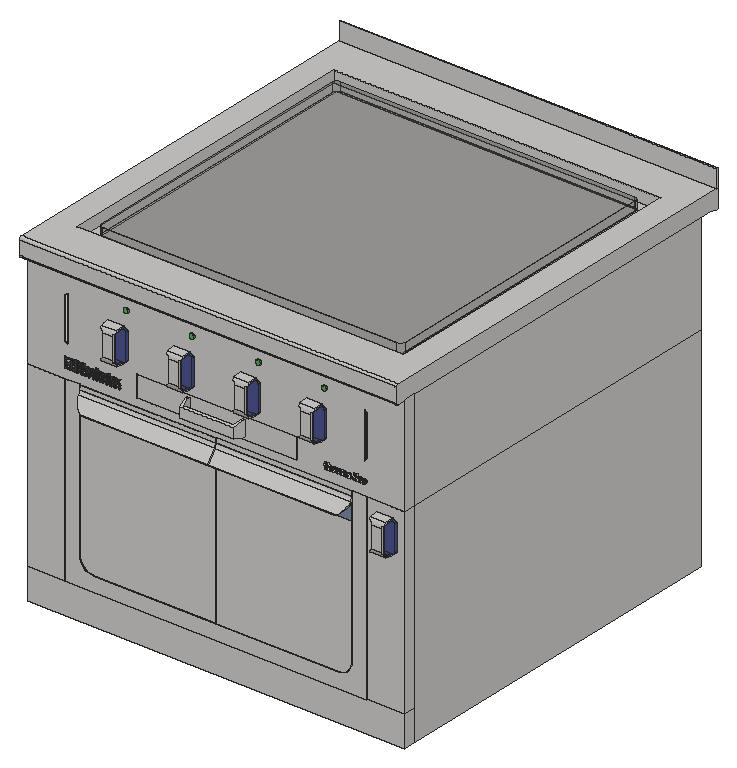
Revit family "QF_ELECTROLUXPROFESSIONAL_588706_MBLTGBH4AO", category Attrezzature speciali, Revit 2020 (continued)
Definition of nested family "Front_Panel_W800_Four Knobs_Spie"
  Definition of nested family "ELX_Professional_Logo_Small"
    Forms (mm)
      Extrusion 2, solid, material <- "Material_Logo"
        sketch origin (15.5, 0, 0) x (1, 0, 0) y (0, 1, 0)
          loop
            line (-38.334, -6.778) -> (-39.241, -6.778) -> (-39.241, -8.166) -> (-38.402, -8.166)
          loop
            circle (-29.965, -8.325) r 2.585
          loop
            circle (-29.965, -8.325) r 1.64
          loop
            line (-23.1, -5.837) -> (-23.1, -10.814) -> (-22.076, -10.814) -> (-22.076, -8.768) -> (-20.204, -8.768) -> (-20.204, -7.828) -> (-22.076, -7.828) -> (-22.076, -6.778) -> (-20.024, -6.778) -> (-20.024, -5.837) -> (-23.1, -5.837)
          loop
            line (-15.802, -5.837) -> (-15.802, -9.2)
            arc (-15.802, -9.2) -> (-15.343, -10.34) -> (-14.209, -10.814) r 1.593
            line (-14.209, -10.814) -> (-12.602, -10.814) -> (-12.602, -10.027) -> (-14.004, -10.027)
            arc (-14.004, -10.027) -> (-14.552, -9.8) -> (-14.779, -9.252) r 0.775
            line (-14.779, -9.252) -> (-14.779, -8.424) -> (-12.789, -8.424) -> (-12.789, -7.642) -> (-14.779, -7.642) -> (-14.779, -6.778) -> (-12.651, -6.778) -> (-12.651, -5.837) -> (-15.802, -5.837)
          loop
            line (-5.909, -7.143) -> (-5.173, -6.638)
            arc (-5.173, -6.638) -> (-5.855, -5.974) -> (-6.781, -5.755) r 1.782
            arc (-6.781, -5.755) -> (-7.397, -5.878) -> (-7.944, -6.189) r 1.974
            arc (-7.944, -6.189) -> (-8.202, -6.5) -> (-8.317, -6.888) r 1.013
            arc (-8.317, -6.888) -> (-8.306, -7.341) -> (-8.192, -7.78) r 1.985
            arc (-8.192, -7.78) -> (-7.749, -8.259) -> (-7.171, -8.563) r 1.928
            arc (-7.171, -8.563) -> (-6.637, -8.779) -> (-6.131, -9.056) r 5.041
            arc (-6.131, -9.056) -> (-5.934, -9.387) -> (-6.09, -9.74) r 0.42
            arc (-6.09, -9.74) -> (-6.631, -9.96) -> (-7.204, -9.845) r 1.016
            arc (-7.204, -9.845) -> (-7.625, -9.603) -> (-7.889, -9.196) r 1.033
            line (-7.889, -9.196) -> (-8.67, -9.686)
            arc (-8.67, -9.686) -> (-8.361, -10.198) -> (-7.908, -10.589) r 1.914
            arc (-7.908, -10.589) -> (-7.334, -10.834) -> (-6.714, -10.896) r 2.063
            arc (-6.714, -10.896) -> (-5.947, -10.743) -> (-5.256, -10.376) r 2.696
            arc (-5.256, -10.376) -> (-4.95, -9.565) -> (-5.108, -8.712) r 1.618
            arc (-5.108, -8.712) -> (-5.448, -8.319) -> (-5.884, -8.035) r 1.876
            arc (-5.884, -8.035) -> (-6.434, -7.789) -> (-6.999, -7.577) r 9.883
            arc (-6.999, -7.577) -> (-7.325, -7.07) -> (-6.854, -6.694) r 0.45
            arc (-6.854, -6.694) -> (-6.329, -6.809) -> (-5.909, -7.143) r 1.197
          loop
            line (1.61, -7.143) -> (2.345, -6.638)
            arc (2.345, -6.638) -> (1.663, -5.974) -> (0.737, -5.755) r 1.782
            arc (0.737, -5.755) -> (0.121, -5.878) -> (-0.425, -6.189) r 1.974
            arc (-0.425, -6.189) -> (-0.683, -6.5) -> (-0.799, -6.888) r 1.013
            arc (-0.799, -6.888) -> (-0.788, -7.341) -> (-0.674, -7.78) r 1.985
            arc (-0.674, -7.78) -> (-0.231, -8.259) -> (0.347, -8.563) r 1.928
            arc (0.347, -8.563) -> (0.881, -8.779) -> (1.387, -9.056) r 5.041
            arc (1.387, -9.056) -> (1.584, -9.387) -> (1.428, -9.74) r 0.42
            arc (1.428, -9.74) -> (0.887, -9.96) -> (0.314, -9.845) r 1.016
            arc (0.314, -9.845) -> (-0.107, -9.603) -> (-0.371, -9.196) r 1.033
            line (-0.371, -9.196) -> (-1.152, -9.686)
            arc (-1.152, -9.686) -> (-0.842, -10.198) -> (-0.39, -10.589) r 1.914
            arc (-0.39, -10.589) -> (0.184, -10.834) -> (0.804, -10.896) r 2.063
            arc (0.804, -10.896) -> (1.572, -10.743) -> (2.263, -10.376) r 2.696
            arc (2.263, -10.376) -> (2.568, -9.565) -> (2.411, -8.712) r 1.618
            arc (2.411, -8.712) -> (2.07, -8.319) -> (1.635, -8.035) r 1.876
            arc (1.635, -8.035) -> (1.084, -7.789) -> (0.519, -7.577) r 9.883
            arc (0.519, -7.577) -> (0.193, -7.07) -> (0.665, -6.694) r 0.45
            arc (0.665, -6.694) -> (1.189, -6.809) -> (1.61, -7.143) r 1.197
          loop
            line (6.801, -5.837) -> (6.801, -10.814) -> (7.825, -10.814) -> (7.825, -5.837) -> (6.801, -5.837)
          loop
            circle (14.724, -8.325) r 1.548
          loop
            circle (14.724, -8.325) r 2.585
          loop
            line (21.59, -10.814) -> (22.623, -10.814) -> (22.623, -7.685) -> (24.9, -10.814) -> (25.895, -10.814) -> (25.895, -5.837) -> (24.861, -5.837) -> (24.861, -9.061) -> (22.585, -5.837) -> (21.59, -5.837) -> (21.59, -10.814)
          loop
            line (31.054, -10.814) -> (31.539, -9.74) -> (33.38, -9.74) -> (33.865, -10.814) -> (34.965, -10.814) -> (32.46, -5.837) -> (29.956, -10.814) -> (31.054, -10.814)
          loop
            line (32.46, -7.698) -> (31.999, -8.719) -> (32.921, -8.719) -> (32.46, -7.698)
          loop
            line (40.047, -9.873) -> (40.047, -5.837) -> (39.024, -5.837) -> (39.024, -10.814) -> (41.961, -10.814) -> (41.961, -9.873) -> (40.047, -9.873)
          loop
            line (-74.986, -10.814) -> (-53.322, -10.814) -> (-53.322, 10.82) -> (-74.986, 10.82) -> (-74.986, -10.814)
          loop
            line (-61.261, 9.758) -> (-61.261, -9.707)
            arc (-61.261, -9.707) -> (-54.066, 0.025) -> (-61.261, 9.758) r 10.18
          loop
            line (-62.251, 8.349) -> (-62.251, 9.758)
            arc (-62.251, 9.758) -> (-70.347, 7.918) -> (-74.247, 0.59) r 9.976
            line (-74.247, 0.59) -> (-71.026, 0.59)
            arc (-71.026, 0.59) -> (-65.274, 2.925) -> (-62.251, 8.349) r 9.351
          loop
            arc (-74.247, -0.539) -> (-70.353, -7.928) -> (-62.251, -9.957) r 10.237
            line (-62.251, -9.957) -> (-62.251, -8.298)
            arc (-62.251, -8.298) -> (-65.274, -2.874) -> (-71.026, -0.539) r 9.351
            line (-71.026, -0.539) -> (-74.247, -0.539)
        from 0 to 1.644
    Dimensions and locks
      aligned and locked: plane 2 to Extrusion 1
      aligned and locked: level to Extrusion 1
Definition of nested family "H450H2_2DOOR"
  Parameters
    Width [instance] = 580 mm
    Wdoor [instance] = Width / 2  # 290 mm
    Show Clearance [instance] = yes
    Model = "727995"
    Height = 450 mm
    Default Elevation = 0 mm
  Reference planes
    plane 1 "Center (Front/Back)": y = 0
    plane 2: z = 0
    plane 3 "Center (Left/Right)": x = 36.042
    plane 4 "panel": z = 25
    plane 5: x = -253.958
    plane 6: x = 326.042
    plane 7: y = 450
    plane 8: z = 290
    plane 9: z = 45
  Forms (mm)
    Extrusion 1, solid
      sketch origin (0, -919.2, 0) x (1, 0, 0) y (0, 1, 0)
        loop
          line (-980.5, 2119.2) -> (-980.5, -162.846) -> (881.94, -162.846) -> (881.94, 2119.2) -> (-980.5, 2119.2)
      from 0 to -59.546
    Extrusion 2, solid
      sketch origin (0, 0, 0) x (1, 0, 0) y (0, 1, 0)
        loop
          line (324.042, 393) -> (37.042, 393) -> (37.042, 97) -> (294.042, 97)
          arc (294.042, 97) -> (315.255, 105.787) -> (324.042, 127) r 30
          line (324.042, 127) -> (324.042, 393)
        loop
          arc (-251.958, 127) -> (-243.171, 105.787) -> (-221.958, 97) r 30
          line (-221.958, 97) -> (35.042, 97) -> (35.042, 393) -> (-251.958, 393) -> (-251.958, 127)
      from 0 to 25
    Extrusion 3, solid
      sketch origin (0, 0, 0) x (1, 0, 0) y (0, 1, 0)
        loop
          line (-251.958, 393) -> (35.042, 393) -> (35.042, 440) -> (-251.958, 440) -> (-251.958, 393)
        loop
          line (37.042, 440) -> (37.042, 393) -> (324.042, 393) -> (324.042, 440) -> (37.042, 440)
      from 0 to 25
    Extrusion 4, solid
      sketch origin (5.581, 79.805, 0) x (1, 0, 0) y (0, 1, 0)
        loop
          line (-257.539, 360.195) -> (29.461, 360.195) -> (29.461, 370.195) -> (-257.539, 370.195) -> (-257.539, 360.195)
        loop
          line (31.461, 370.195) -> (31.461, 360.195) -> (318.461, 360.195) -> (318.461, 370.195) -> (31.461, 370.195)
      from 0 to 25
    Extrusion 5, solid
      sketch origin (36.042, 0, 0) x (0, 1, 0) y (0, 0, 1)
        loop
          line (426.693, 25) -> (440.02, 25)
          arc (440.02, 25) -> (435.261, 25.775) -> (430.993, 28.02) r 15
          line (430.993, 28.02) -> (406.653, 46.362) -> (403.644, 42.369) -> (426.693, 25)
      from 1 to 288
    Extrusion 6, solid
      sketch origin (36.042, 0, 0) x (0, 1, 0) y (0, 0, 1)
        loop
          line (426.693, 25) -> (440.02, 25)
          arc (440.02, 25) -> (435.261, 25.775) -> (430.993, 28.02) r 15
          line (430.993, 28.02) -> (406.653, 46.362) -> (403.644, 42.369) -> (426.693, 25)
      from -288 to -1
    Extrusion 7, void
      sketch origin (0, 0, 0) x (1, 0, 0) y (0, 1, 0)
        loop
          arc (324.042, 426.693) -> (314.508, 412.772) -> (300.317, 403.644) r 42.603
          line (300.317, 403.644) -> (324.042, 403.644) -> (324.042, 426.693)
      from 0 to 47.9
    Extrusion 8, void
      sketch origin (72.084, 0, 0) x (-1, 0, 0) y (0, -1, 0)
        loop
          line (324.042, -426.693) -> (324.042, -403.644) -> (300.317, -403.644)
          arc (300.317, -403.644) -> (314.508, -412.772) -> (324.042, -426.693) r 42.603
      from 0 to 47.9
    Extrusion 9, solid, detail levels coarse
      sketch origin (0, 0, 0) x (1, 0, 0) y (0, 0, 1)
        loop
          arc (36.042, 25) -> (-41.575, 212.383) -> (-228.958, 290) r 265
          line (-228.958, 290) -> (-228.958, 25) -> (36.042, 25)
      from -450 to -97
    Extrusion 10, solid, detail levels coarse
      sketch origin (0, 0, 0) x (1, 0, 0) y (0, 0, 1)
        loop
          arc (301.042, 290) -> (113.659, 212.383) -> (36.042, 25) r 265
          line (36.042, 25) -> (301.042, 25) -> (301.042, 290)
      from -450 to -97
  Cuts and joins
    Extrusion 8 cuts Extrusion 6
    Extrusion 7 cuts Extrusion 5
  Lines and regions (mm)
    symbolic lines
      curve 1: line (326.042, 0, 45) -> (326.042, 0, 290)
      curve 2: line (301.042, 0, 45) -> (301.042, 0, 290)
      curve 3: line (326.042, 0, 290) -> (301.042, 0, 290)
      curve 4: line (-253.958, 0, 45) -> (-253.958, 0, 290)
      curve 5: line (-228.958, 0, 45) -> (-228.958, 0, 290)
      curve 6: line (-253.958, 0, 290) -> (-228.958, 0, 290)
      curve 7: arc (301.042, 0, 290) -> (120.901, 0, 219.356) -> (36.804, 0, 45.088) r 265
      curve 8: arc (35.286, 0, 44.997) -> (-48.783, 0, 219.325) -> (-228.958, 0, 290) r 265
  Dimensions and locks
    plane 4 "panel" to level = 25 mm
    "Width": plane 5 to plane 6
    equal spacing: plane 5, plane 3 "Center (Left/Right)", plane 6
    "Height": plane 1 "Center (Front/Back)" to plane 7
    locked: plane 5 to Extrusion 2 sketch curve at 2
    locked: Extrusion 2 sketch curve to plane 6 at 2
    locked: plane 1 "Center (Front/Back)" to Extrusion 2 sketch curve at 97
    locked: plane 7 to Extrusion 2 sketch curve at 57
    locked: Extrusion 2 sketch curve to plane 3 "Center (Left/Right)" at 1
    locked: plane 3 "Center (Left/Right)" to Extrusion 2 sketch curve at 1
    Extrusion 3 sketch curve to Extrusion 2 = 47 mm
    "Wdoor": plane 8 to level
    locked: curve 2 to curve 1 at 25
    locked: curve 5 to curve 4 at 25
    plane 4 "panel" to plane 9 = 20 mm
    aligned and locked: plane 2 to Extrusion 1
    aligned and locked: level to Extrusion 1
    aligned and locked: plane 4 "panel" to Extrusion 2
    aligned and locked: Extrusion 2 to Extrusion 3 sketch curve
    aligned and locked: Extrusion 3 sketch curve to Extrusion 2  (x2)
    aligned and locked: Extrusion 3 sketch curve to Extrusion 3 sketch curve
    aligned and locked: plane 4 "panel" to Extrusion 3
    aligned and locked: Extrusion 4 sketch curve to Extrusion 4 sketch curve
    aligned and locked: Extrusion 4 sketch curve to Extrusion 3  (x3)
    aligned and locked: Extrusion 3 to Extrusion 4 sketch curve
    aligned and locked: Extrusion 4 sketch curve to plane 7
    aligned and locked: Extrusion 3 to Extrusion 5
    aligned and locked: Extrusion 5 to Extrusion 3
    aligned and locked: Extrusion 6 to Extrusion 3
    aligned and locked: Extrusion 3 to Extrusion 6
    aligned and locked: Extrusion 7 sketch curve to Extrusion 5
    aligned and locked: Extrusion 8 to Extrusion 6
    aligned and locked: Extrusion 4 to Extrusion 8
    aligned and locked: Extrusion 2 to Extrusion 7
    aligned and locked: Extrusion 7 to Extrusion 5
    aligned and locked: Extrusion 4 to Extrusion 3  (x2)
    aligned and locked: Extrusion 3 to Extrusion 2
    aligned and locked: Extrusion 4 to Extrusion 2
    aligned and locked: curve 3 to plane 8
    aligned and locked: curve 1 to plane 6
    aligned and locked: curve 4 to plane 5
    aligned and locked: Extrusion 9 sketch curve to plane 4 "panel"
    aligned and locked: Extrusion 10 sketch curve to curve 7
    aligned and locked: Extrusion 10 sketch curve to curve 2
    aligned and locked: Extrusion 2 to Extrusion 9
    aligned and locked: Extrusion 2 to Extrusion 10
    aligned and locked: plane 7 to Extrusion 9
    aligned and locked: Extrusion 3 to Extrusion 4
  Automatic sketch dimensions
    Extrusion 1 sketch curve to Extrusion 1 sketch curve = 1862.44 mm
    Extrusion 1 sketch curve to Extrusion 1 sketch curve = 2282.046 mm
    Extrusion 2 sketch curve to Extrusion 2 sketch curve = 30 mm  (x2)
    Extrusion 2 sketch curve to plane 1 "Center (Front/Back)" = 97 mm
    Extrusion 2 sketch curve to Extrusion 2 sketch curve = 0 mm
    Extrusion 3 sketch curve to plane 3 "Center (Left/Right)" = 1 mm
    plane 5 to Extrusion 3 sketch curve = 2 mm
    Extrusion 3 sketch curve to Extrusion 3 sketch curve = 0 mm
    Extrusion 5 sketch curve to plane 4 "panel" = 0 mm
    plane 4 "panel" to Extrusion 5 sketch curve = 17.369 mm
    Extrusion 5 sketch curve to plane 7 = 46.356 mm
    plane 4 "panel" to Extrusion 5 sketch curve = 21.362 mm
    Extrusion 5 sketch curve to Extrusion 5 sketch curve = 3.009 mm
    plane 4 "panel" to Extrusion 5 sketch curve = 3.02 mm
    Extrusion 5 sketch curve to Extrusion 5 sketch curve = 9.027 mm
    Extrusion 6 sketch curve to plane 4 "panel" = 0 mm
    plane 4 "panel" to Extrusion 6 sketch curve = 17.369 mm
    Extrusion 6 sketch curve to plane 7 = 46.356 mm
    plane 4 "panel" to Extrusion 6 sketch curve = 21.362 mm
    Extrusion 6 sketch curve to Extrusion 6 sketch curve = 3.009 mm
    plane 4 "panel" to Extrusion 6 sketch curve = 3.02 mm
    Extrusion 6 sketch curve to Extrusion 6 sketch curve = 9.027 mm
    Extrusion 7 sketch curve to Extrusion 7 sketch curve = 23.725 mm
    Extrusion 7 sketch curve to plane 7 = 6.671 mm
    Extrusion 7 sketch curve to plane 6 = 41.221 mm
    Extrusion 7 sketch curve to plane 7 = 23.307 mm
    plane 7 to Extrusion 8 sketch curve = 6.671 mm
    Extrusion 8 sketch curve to plane 5 = 41.221 mm
    Extrusion 8 sketch curve to plane 5 = 25.725 mm
    Extrusion 8 sketch curve to plane 5 = 2 mm
    plane 7 to Extrusion 8 sketch curve = 23.307 mm
    Extrusion 4 sketch curve to Extrusion 4 sketch curve = 10 mm
    Extrusion 4 sketch curve to plane 7 = 10 mm
    curve 2 to plane 9 = 0 mm
    curve 5 to plane 9 = 0 mm
    curve 4 to plane 9 = 0 mm
    curve 1 to plane 9 = 0 mm
    curve 8 to plane 4 "panel" = 0 mm
    curve 5 to plane 8 = 0 mm
    curve 8 to plane 9 = 0.003 mm
    curve 7 to plane 4 "panel" = 0 mm
    plane 9 to curve 7 = 0.088 mm
Definition of nested family "Warm"
  Reference planes
    plane 1 "Center (Front/Back)": y = 0
    plane 2: z = 0
    plane 3 "Center (Left/Right)": x = 0
  Lines and regions (mm)
    detail lines, in view "Ref. Level"
      curve 1: circle (-165.742, 180.331, 0) r 45 normal (0, 0, 1)
      curve 2: line (-165.742, 125.331, 0) -> (-165.742, 80.331, 0)
      curve 3: line (-165.742, 235.331, 0) -> (-165.742, 280.331, 0)
      curve 4: line (-105.742, 180.331, 0) -> (-65.742, 180.331, 0)
      curve 5: line (-220.742, 180.331, 0) -> (-265.742, 180.331, 0)
      curve 6: line (-126.851, 141.44, 0) -> (-95.031, 109.62, 0)
      curve 7: line (-204.632, 219.221, 0) -> (-236.452, 251.041, 0)
      curve 8: line (-126.851, 219.221, 0) -> (-95.031, 251.041, 0)
      curve 9: line (-204.632, 141.44, 0) -> (-236.452, 109.62, 0)
